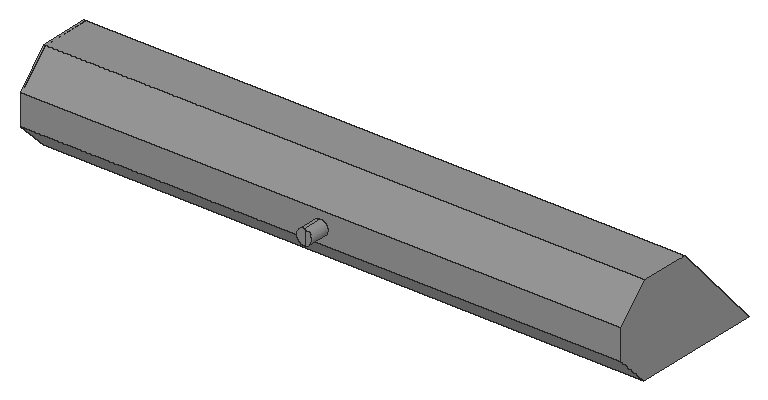
Revit family "Urinal-Wiloughby-1560-WWU", category Plumbing Fixtures, Revit 2015
Parameters (values of type "1560")
  Width = 5' - 0"
  Waste DIA = 1 1/2"
  Waste Connection = yes
  Vent Connection = no
  URL = "https://www.willoughby-ind.com/wp-content/uploads/2018/01/WWU-1500.pdf"
  Type Comments = ""
  Revision = "A"
  Model = "WWU-1560"
  Manufacturer = "Willoughby Industries"
  HW Connection = no
  Fixture Body = Stainless Steel AISI 304-Willoughby
  Description = "60\" Trough Urinal"
  Default Elevation = 0' - 0"
  Contact = "(800) 428-4065"
  CW Connection = no
  60" = yes
Types (6): name | Width | URL | Model | Description | 60"
  (no name) | 5' - 0" | "https://www.willoughby-ind.com/wp-content/uploads/2018/01/WWU-1500.pdf" | "WWU-1560" | "60\" Trough Urinal" | yes
  1536 | 3' - 0" | "www.willoughby-ind.com" | "WWU-1536" | "36\" Trough Urinal" | no
  1548 | 4' - 0" | "www.willoughby-ind.com" | "WWU-1536" | "36\" Trough Urinal" | no
  1560 | 5' - 0" | "https://www.willoughby-ind.com/wp-content/uploads/2018/01/WWU-1500.pdf" | "WWU-1560" | "60\" Trough Urinal" | yes
  1572 | 6' - 0" | "www.willoughby-ind.com" | "WWU-1536" | "36\" Trough Urinal" | no
  1596 | 8' - 0" | "www.willoughby-ind.com" | "WWU-1536" | "36\" Trough Urinal" | no
Reference planes (in)
  plane 1 "Center (Front/Back)Floor Level": y = 0
  plane 2: z = 0
  plane 3 "Center (Left/Right)": x = 0
  plane 4: x = -30
  plane 5: x = 30
  plane 6: y = 42
Forms (in)
  Extrusion 1, solid, material "Stainless Steel AISI 304-Willoughby" <- "Fixture Body"
    sketch origin (0, 0, 0) x (0, 1, 0) y (0, 0, 1)
      loop
        line (42, 0) -> (34, 9) -> (29, 9) -> (26, 6) -> (26, 3) -> (29, 0) -> (42, 0)
    from -30 to 30
  Revolve 2, solid, material "Stainless Steel AISI 304-Willoughby" <- "Fixture Body", detail levels medium+fine
    sketch origin (0, 0, 0) x (0, 1, 0) y (0, 0, 1)
      loop
        line (26, 4.5) -> (26, 5.25) -> (24, 5.25) -> (24, 4.5) -> (26, 4.5)
      axis (26, 4.5) -> (24, 4.5)
    angle from 0 to 360
  Extrusion 3, void
    sketch origin (0, 0, 0) x (0, 1, 0) y (0, 0, 1)
      loop
        line (42.78883, 0.09375) -> (42.78883, 8.90625) -> (29.03883, 8.90625) -> (26.09375, 5.96117) -> (26.09375, 3.03883) -> (29.03883, 0.09375) -> (42.78883, 0.09375)
    from -29.90625 to 29.90625
Cuts and joins
  Extrusion 3 cuts Extrusion 1
Lines and regions (in)
  symbolic lines
    curve 1: line (30, 26, 0) -> (-30, 26, 0)
    curve 2: line (-30, 26, 0) -> (-30, 42, 0)
    curve 3: line (-30, 42, 0) -> (30, 42, 0)
    curve 4: line (30, 42, 0) -> (30, 26, 0)
    curve 5: line (-30, 29, 0) -> (30, 29, 0)
    curve 19: line (-30, 26, 0) -> (-30, 42, 0)
    curve 22: line (-30, 34, 0) -> (30, 34, 0)
  symbolic lines, detail levels fine
    curve 6: line (-30, 34, 0) -> (30, 34, 0)
    curve 21: line (30, 26, 0) -> (-30, 26, 0)
  symbolic lines, detail levels medium+fine
    curve 7: line (30, 0, 0) -> (30, 0, 9)
    curve 8: line (30, 0, 9) -> (-30, 0, 9)
    curve 9: line (-30, 0, 9) -> (-30, 0, 0)
    curve 10: line (-30, 0, 0) -> (30, 0, 0)
    curve 11: line (30, 0, 6) -> (-30, 0, 6)
    curve 12: line (30, 0, 3) -> (-30, 0, 3)
    curve 13: line (0, 42, 0) -> (0, 34, 9)
    curve 14: line (0, 34, 9) -> (0, 29, 9)
    curve 15: line (0, 29, 9) -> (0, 26, 6)
    curve 16: line (0, 26, 6) -> (0, 26, 3)
    curve 17: line (0, 26, 3) -> (0, 29, 0)
    curve 18: line (0, 29, 0) -> (0, 42, 0)
    curve 20: line (30, 42, 0) -> (30, 26, 0)
    curve 23: line (-30, 29, 0) -> (30, 29, 0)
Dimensions and locks (in)
  "Width": plane 4 to plane 5
  equal spacing: plane 4, plane 3 "Center (Left/Right)", plane 5
  plane 1 "Center (Front/Back)Floor Level" to plane 6 = 3' - 6"
  plane 3 "Center (Left/Right)" to Extrusion 1 = 2' - 6"
  locked: cut or joined group of Extrusion 1, Extrusion 3 to plane 5 at 0.09375
  locked: cut or joined group of Extrusion 1, Extrusion 3 to cut or joined group of Extrusion 1, Extrusion 3 at 0.09375
  aligned and locked: Extrusion 1 to level
  aligned and locked: plane 4 to Extrusion 1
  aligned and locked: Extrusion 1 to plane 5
  aligned and locked: Revolve 2 sketch curve to Revolve 2 sketch curve  (x2)
  aligned and locked: curve 2 to curve 5
  aligned and locked: curve 5 to cut or joined group of Extrusion 1, Extrusion 3
  aligned and locked: curve 6 to cut or joined group of Extrusion 1, Extrusion 3
  aligned and locked: curve 12 to cut or joined group of Extrusion 1, Extrusion 3
Automatic sketch dimensions
  Extrusion 1 sketch curve to level = 0' - 0"
  Extrusion 1 sketch curve to plane 6 = 0' - 0"
  Extrusion 1 sketch curve to plane 6 = 0' - 8"
  Extrusion 1 sketch curve to Extrusion 1 sketch curve = 0' - 5"  (x2)
  level to Extrusion 1 sketch curve = 0' - 3"
  Extrusion 1 sketch curve to Extrusion 1 sketch curve = 0' - 3"  (x3)
  level to Revolve 2 sketch curve = 0' - 4 1/2"
  Revolve 2 sketch curve to plane 6 = 1' - 6"
  Revolve 2 sketch curve to Revolve 2 sketch curve = 0' - 2"
  Revolve 2 sketch curve to Revolve 2 sketch curve = 0' - 0 3/4"
  Revolve 2 sketch curve to Revolve 2 sketch curve = 0' - 0"
  level to Extrusion 3 sketch curve = 0' - 5.96117"
  Extrusion 3 sketch curve to plane 6 = 1' - 3 29/32"
  level to Extrusion 3 sketch curve = 0' - 0 3/32"
  Extrusion 3 sketch curve to Extrusion 3 sketch curve = 0' - 2.94508"  (x2)
  plane 6 to Extrusion 3 sketch curve = 0' - 0.78883"
  Extrusion 3 sketch curve to Extrusion 3 sketch curve = 0' - 2.92233"
  Extrusion 3 sketch curve to Extrusion 3 sketch curve = 0' - 8 13/16"
  curve 10 to level = 0' - 0"
  plane 4 to curve 10 = 0' - 0"
  plane 5 to curve 10 = 0' - 0"
  level to curve 7 = 0' - 9"
  curve 11 to curve 7 = 0' - 3"
  curve 18 to level = 0' - 0"
  curve 13 to plane 6 = 0' - 0"
  curve 14 to plane 6 = 0' - 8"
  curve 15 to curve 13 = 0' - 5"
  level to curve 15 = 0' - 6"
  curve 15 to curve 14 = 0' - 3"  (x2)
  level to curve 17 = 0' - 3"
  curve 16 to curve 17 = 0' - 3"
  curve 23 to plane 4 = 0' - 0"
  curve 23 to plane 5 = 0' - 0"
  curve 4 to plane 6 = 0' - 0"
  curve 19 to curve 5 = 0' - 3"
  curve 23 to curve 5 = 0' - 0"
  curve 22 to curve 6 = 0' - 0"
Connectors (in)
  piping at (0, 24, 4.5), diameter 1.5, driven by "Waste DIA", driven by "Waste Connection"
    settings: on Revolve 2, index 1, connector inside diameter 24", connector length 0' - 0", flow factor 0, pipe flow 0 GPM, pressure drop 0.00 psi, fitting loss kfactor 0, connector angle 0.00°, fixture units 0, engagement length 0' - 0", angle of deflection 0.00°, flow configuration 0, flow direction 2, fitting loss method 0, system type 16, joint type 0, gender type 0, connector reference index -1, connector utility 1, adjustable connector no, is connector primary yes, connector description "Urinal Waste"
